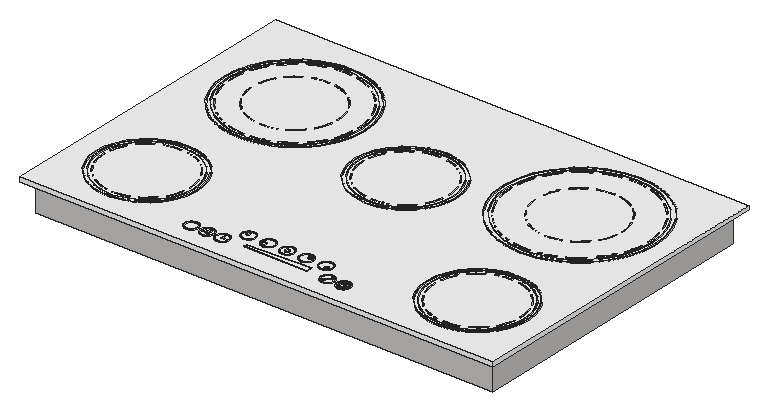
Revit family "QF_Summit_CR5B30T8W_5-Burner Radiant Cooktop", category Specialty Equipment, Revit 2020 (continued)
Automatic sketch dimensions
  plane 8 "Center X" to Extrusion 2 sketch curve = 0.37516"
  plane 8 "Center X" to Extrusion 2 sketch curve = 0.35989"
  Extrusion 2 sketch curve to plane 7 "Center Y" = 0.41879"
  Extrusion 2 sketch curve to plane 8 "Center X" = 0.64087"
  Extrusion 2 sketch curve to Extrusion 2 sketch curve = 0.33695"  (x2)
  Extrusion 2 sketch curve to plane 8 "Center X" = 0.6677"
  Extrusion 2 sketch curve to Extrusion 2 sketch curve = 0.01601"
  plane 7 "Center Y" to Extrusion 2 sketch curve = 0.96539"
  plane 7 "Center Y" to Extrusion 2 sketch curve = 0.01071"
  Extrusion 2 sketch curve to plane 8 "Center X" = 0.85707"
  Extrusion 2 sketch curve to Extrusion 2 sketch curve = 0.0293"
  Extrusion 2 sketch curve to plane 8 "Center X" = 0.06624"
  Extrusion 2 sketch curve to plane 8 "Center X" = 0.04406"
  Extrusion 2 sketch curve to plane 8 "Center X" = 0.68519"
  Extrusion 2 sketch curve to plane 8 "Center X" = 0.65815"
  plane 8 "Center X" to Extrusion 2 sketch curve = 1.24555"
  plane 8 "Center X" to Extrusion 2 sketch curve = 1.25085"
  plane 8 "Center X" to Extrusion 2 sketch curve = 0.31449"
  plane 8 "Center X" to Extrusion 2 sketch curve = 0.33027"
  Extrusion 2 sketch curve to Extrusion 2 sketch curve = 0.97968"  (x2)
  Extrusion 2 sketch curve to Extrusion 2 sketch curve = 1.00376"  (x2)
  plane 7 "Center Y" to Extrusion 2 sketch curve = 0.02994"
  Extrusion 2 sketch curve to Extrusion 2 sketch curve = 0.40649"  (x2)
  plane 7 "Center Y" to Extrusion 2 sketch curve = 1.40684"
  Extrusion 2 sketch curve to Extrusion 2 sketch curve = 0.47086"  (x2)
  Extrusion 2 sketch curve to Extrusion 2 sketch curve = 0.01413"  (x2)
  Extrusion 2 sketch curve to Extrusion 2 sketch curve = 1.02966"
  Extrusion 2 sketch curve to Extrusion 2 sketch curve = 0.37991"
  Extrusion 2 sketch curve to Extrusion 2 sketch curve = 0.2284"
  Extrusion 2 sketch curve to Extrusion 2 sketch curve = 0.22211"  (x2)
  Extrusion 2 sketch curve to Extrusion 2 sketch curve = 0.02944"  (x2)
  Extrusion 2 sketch curve to Extrusion 2 sketch curve = 0.41338"  (x2)
  Extrusion 2 sketch curve to plane 12 = 5.48356"
  Extrusion 2 sketch curve to Extrusion 2 sketch curve = 1.84577"
  Extrusion 2 sketch curve to Extrusion 2 sketch curve = 0.20933"
  Extrusion 2 sketch curve to Extrusion 2 sketch curve = 0.32356"
  Extrusion 2 sketch curve to Extrusion 2 sketch curve = 0.03033"
  Extrusion 2 sketch curve to Extrusion 2 sketch curve = 0.19522"
  Extrusion 2 sketch curve to Extrusion 2 sketch curve = 0.02865"
  Extrusion 2 sketch curve to Extrusion 2 sketch curve = 0.27871"
  Extrusion 2 sketch curve to Extrusion 2 sketch curve = 0.02926"
  Extrusion 2 sketch curve to Extrusion 2 sketch curve = 0.02761"
  Extrusion 2 sketch curve to Extrusion 2 sketch curve = 0.03105"
  Extrusion 2 sketch curve to Extrusion 2 sketch curve = 1.51946"
  Extrusion 2 sketch curve to Extrusion 2 sketch curve = 0.01098"
  Extrusion 2 sketch curve to plane 10 = 2.5831"
  Extrusion 2 sketch curve to Extrusion 2 sketch curve = 0.75562"
  Extrusion 2 sketch curve to plane 10 = 2.56292"
  Extrusion 2 sketch curve to Extrusion 2 sketch curve = 0.02386"
  Extrusion 2 sketch curve to plane 10 = 3.46689"
  Extrusion 2 sketch curve to plane 10 = 3.45302"
  Extrusion 2 sketch curve to plane 10 = 1.61686"
  Extrusion 2 sketch curve to Extrusion 2 sketch curve = 1.15671"
  Extrusion 2 sketch curve to plane 10 = 1.58978"
  Extrusion 2 sketch curve to Extrusion 2 sketch curve = 1/64"
  Extrusion 2 sketch curve to plane 10 = 2.23507"
  Extrusion 2 sketch curve to plane 10 = 2.21296"
  Extrusion 2 sketch curve to plane 10 = 1.09417"
  Extrusion 2 sketch curve to Extrusion 2 sketch curve = 1.4509"
  Extrusion 2 sketch curve to plane 10 = 1.06337"
  Extrusion 2 sketch curve to Extrusion 2 sketch curve = 0.00525"
  Extrusion 2 sketch curve to plane 10 = 1.39759"
  Extrusion 2 sketch curve to plane 10 = 1.36895"
  Extrusion 2 sketch curve to plane 10 = 1.07171"
  Extrusion 2 sketch curve to Extrusion 2 sketch curve = 1.5222"
  Extrusion 2 sketch curve to plane 10 = 1.10246"
  Extrusion 2 sketch curve to plane 10 = 1.04045"
  Extrusion 2 sketch curve to plane 10 = 1.00926"
  Extrusion 2 sketch curve to plane 10 = 1.61391"
  Extrusion 2 sketch curve to Extrusion 2 sketch curve = 1.46074"
  Extrusion 2 sketch curve to Extrusion 2 sketch curve = 0.0159"
  Extrusion 2 sketch curve to plane 10 = 1.17956"
  Extrusion 2 sketch curve to plane 10 = 1.20955"
  Extrusion 2 sketch curve to Extrusion 2 sketch curve = 0.00881"
  Extrusion 2 sketch curve to Extrusion 2 sketch curve = 1.16694"
  Extrusion 2 sketch curve to Extrusion 2 sketch curve = 0.02406"
  Extrusion 2 sketch curve to Extrusion 2 sketch curve = 0.35815"
  Extrusion 2 sketch curve to Extrusion 2 sketch curve = 0.02238"  (x2)
  Extrusion 2 sketch curve to Extrusion 2 sketch curve = 0.19741"
  Extrusion 2 sketch curve to plane 12 = 1.33298"
  Extrusion 2 sketch curve to Extrusion 2 sketch curve = 0.29763"
  Extrusion 2 sketch curve to Extrusion 2 sketch curve = 0.026"
  Extrusion 2 sketch curve to Extrusion 2 sketch curve = 0.34736"
  Extrusion 2 sketch curve to Extrusion 2 sketch curve = 0.01734"
  Extrusion 2 sketch curve to Extrusion 2 sketch curve = 0.1639"
  Extrusion 2 sketch curve to Extrusion 2 sketch curve = 0.16933"
  Extrusion 2 sketch curve to Extrusion 2 sketch curve = 0.03042"
  Extrusion 2 sketch curve to Extrusion 2 sketch curve = 0.4627"
  Extrusion 2 sketch curve to Extrusion 2 sketch curve = 0.00152"
  Extrusion 2 sketch curve to Extrusion 2 sketch curve = 0.03104"
  Extrusion 2 sketch curve to Extrusion 2 sketch curve = 0.21075"
  Extrusion 2 sketch curve to Extrusion 2 sketch curve = 0.02932"
  Extrusion 2 sketch curve to Extrusion 2 sketch curve = 0.49233"
  Extrusion 2 sketch curve to Extrusion 2 sketch curve = 0.00363"
  Extrusion 2 sketch curve to Extrusion 2 sketch curve = 0.15379"
  Extrusion 2 sketch curve to Extrusion 2 sketch curve = 0.02803"
  plane 8 "Center X" to Extrusion 2 sketch curve = 1.36218"
  Extrusion 2 sketch curve to Extrusion 2 sketch curve = 0.56594"
  plane 8 "Center X" to Extrusion 2 sketch curve = 1.38435"
  Extrusion 2 sketch curve to Extrusion 2 sketch curve = 0.02217"
  plane 8 "Center X" to Extrusion 2 sketch curve = 1.02088"
  Extrusion 2 sketch curve to Extrusion 2 sketch curve = 0.32279"
  plane 8 "Center X" to Extrusion 2 sketch curve = 1 11/256"
  plane 8 "Center X" to Extrusion 2 sketch curve = 0.39339"
  plane 8 "Center X" to Extrusion 2 sketch curve = 0.42049"
  plane 8 "Center X" to Extrusion 2 sketch curve = 0.18426"
  Extrusion 2 sketch curve to Extrusion 2 sketch curve = 0.39751"
  plane 8 "Center X" to Extrusion 2 sketch curve = 0.21284"
  Extrusion 2 sketch curve to Extrusion 2 sketch curve = 0.01263"
  Extrusion 2 sketch curve to plane 8 "Center X" = 0.12469"
  Extrusion 2 sketch curve to plane 8 "Center X" = 0.09392"
  Extrusion 2 sketch curve to plane 8 "Center X" = 0.149"
  Extrusion 2 sketch curve to Extrusion 2 sketch curve = 0.44241"
  Extrusion 2 sketch curve to plane 8 "Center X" = 0.09403"
  Extrusion 2 sketch curve to plane 8 "Center X" = 0.1248"
  Extrusion 2 sketch curve to Extrusion 2 sketch curve = 0.00543"
  plane 8 "Center X" to Extrusion 2 sketch curve = 0.00709"
  Extrusion 2 sketch curve to Extrusion 2 sketch curve = 0.43933"
  Extrusion 2 sketch curve to plane 8 "Center X" = 0.02297"
  Extrusion 2 sketch curve to Extrusion 2 sketch curve = 0.00857"
  plane 8 "Center X" to Extrusion 2 sketch curve = 53/128"
  plane 8 "Center X" to Extrusion 2 sketch curve = 0.38691"
  plane 8 "Center X" to Extrusion 2 sketch curve = 0.66354"
  Extrusion 2 sketch curve to Extrusion 2 sketch curve = 0.38837"
  plane 8 "Center X" to Extrusion 2 sketch curve = 0.63817"
  Extrusion 2 sketch curve to Extrusion 2 sketch curve = 0.01825"
  plane 8 "Center X" to Extrusion 2 sketch curve = 1.39617"
  plane 8 "Center X" to Extrusion 2 sketch curve = 1.37399"
  plane 8 "Center X" to Extrusion 2 sketch curve = 1.77061"
  Extrusion 2 sketch curve to Extrusion 2 sketch curve = 0.28259"
  plane 8 "Center X" to Extrusion 2 sketch curve = 1.75315"
  Extrusion 2 sketch curve to Extrusion 2 sketch curve = 0.02592"
  plane 8 "Center X" to Extrusion 2 sketch curve = 2.73176"
  plane 8 "Center X" to Extrusion 2 sketch curve = 2.72116"
  Extrusion 2 sketch curve to Extrusion 2 sketch curve = 1.58055"
  plane 8 "Center X" to Extrusion 2 sketch curve = 4.70503"
  plane 8 "Center X" to Extrusion 2 sketch curve = 4.71065"
  Extrusion 2 sketch curve to Extrusion 2 sketch curve = 0.1149"
  plane 8 "Center X" to Extrusion 2 sketch curve = 2.12419"
  Extrusion 2 sketch curve to Extrusion 2 sketch curve = 0.82307"
  plane 8 "Center X" to Extrusion 2 sketch curve = 2.10015"
  plane 8 "Center X" to Extrusion 2 sketch curve = 2.88316"
  plane 8 "Center X" to Extrusion 2 sketch curve = 2.86784"
  Extrusion 2 sketch curve to Extrusion 2 sketch curve = 1.26922"
  Extrusion 2 sketch curve to Extrusion 2 sketch curve = 1.40691"
  Extrusion 2 sketch curve to Extrusion 2 sketch curve = 1.17944"
  Extrusion 2 sketch curve to Extrusion 2 sketch curve = 0.43496"
  Extrusion 2 sketch curve to Extrusion 2 sketch curve = 0.0155"
  Extrusion 2 sketch curve to Extrusion 2 sketch curve = 0.62693"
  Extrusion 2 sketch curve to Extrusion 2 sketch curve = 0.28837"
  Extrusion 2 sketch curve to Extrusion 2 sketch curve = 0.06767"
  Extrusion 2 sketch curve to Extrusion 2 sketch curve = 0.14583"
  Extrusion 2 sketch curve to Extrusion 2 sketch curve = 0.02924"
  Extrusion 2 sketch curve to Extrusion 2 sketch curve = 0.144"
  Extrusion 2 sketch curve to Extrusion 2 sketch curve = 0.6468"
  Extrusion 2 sketch curve to Extrusion 2 sketch curve = 1.18137"
  Extrusion 2 sketch curve to Extrusion 2 sketch curve = 0.02433"
  Extrusion 2 sketch curve to Extrusion 2 sketch curve = 0.31105"
  Extrusion 2 sketch curve to Extrusion 2 sketch curve = 0.92879"
  Extrusion 2 sketch curve to Extrusion 2 sketch curve = 0.00512"
  Extrusion 2 sketch curve to Extrusion 2 sketch curve = 0.59601"
  Extrusion 2 sketch curve to Extrusion 2 sketch curve = 0.38206"
  Extrusion 2 sketch curve to plane 10 = 2.86158"
  Extrusion 2 sketch curve to Extrusion 2 sketch curve = 1.01341"
  Extrusion 2 sketch curve to plane 10 = 2.8323"
  Extrusion 2 sketch curve to plane 10 = 3.04902"
  Extrusion 2 sketch curve to plane 10 = 3.02189"
  Extrusion 2 sketch curve to plane 10 = 3.67913"
  Extrusion 2 sketch curve to plane 10 = 3.65924"
  Extrusion 2 sketch curve to plane 12 = 4.02721"
  Extrusion 2 sketch curve to plane 12 = 0.77721"
  Extrusion 2 sketch curve to Extrusion 2 sketch curve = 0.56726"
  Extrusion 2 sketch curve to Extrusion 2 sketch curve = 2.13783"
  Extrusion 2 sketch curve to Extrusion 2 sketch curve = 0.0089"
  Extrusion 2 sketch curve to Extrusion 2 sketch curve = 0.30898"
  Extrusion 2 sketch curve to Extrusion 2 sketch curve = 0.44536"
  Extrusion 2 sketch curve to Extrusion 2 sketch curve = 0.0053"
  Extrusion 2 sketch curve to Extrusion 2 sketch curve = 0.24103"
  Extrusion 2 sketch curve to Extrusion 2 sketch curve = 0.71347"
  Extrusion 2 sketch curve to Extrusion 2 sketch curve = 0.01567"
  Extrusion 2 sketch curve to Extrusion 2 sketch curve = 0.37433"
  Extrusion 2 sketch curve to Extrusion 2 sketch curve = 0.41133"
  Extrusion 2 sketch curve to Extrusion 2 sketch curve = 0.94381"
  Extrusion 2 sketch curve to plane 9 = 1.72411"
  Extrusion 2 sketch curve to plane 9 = 1.70191"
  Extrusion 2 sketch curve to plane 9 = 2.50315"
  Extrusion 2 sketch curve to plane 9 = 2.48788"
  Extrusion 2 sketch curve to plane 9 = 2.90103"
  Extrusion 2 sketch curve to plane 9 = 2.89029"
  Extrusion 2 sketch curve to Extrusion 2 sketch curve = 0.37929"
  Extrusion 2 sketch curve to plane 9 = 4.30796"
  Extrusion 2 sketch curve to Extrusion 2 sketch curve = 0.03919"
  Extrusion 2 sketch curve to plane 9 = 4.31324"
  Extrusion 2 sketch curve to Extrusion 2 sketch curve = 1.41554"
  curve 5 to curve 7 = 0"  (x2)
  curve 5 to curve 9 = 0"  (x2)
  curve 5 to curve 11 = 0"  (x2)
  curve 5 to curve 13 = 0"  (x2)
  curve 5 to curve 15 = 0"  (x2)
  curve 5 to curve 17 = 0"  (x2)
  curve 5 to curve 19 = 0"  (x2)
  curve 5 to curve 21 = 0"  (x2)
  curve 5 to curve 23 = 0"  (x2)
  curve 5 to curve 25 = 0"  (x2)
  curve 5 to curve 27 = 0"  (x2)
  curve 5 to curve 29 = 0"  (x2)
  curve 5 to curve 31 = 0"  (x2)
  curve 5 to curve 33 = 0"  (x2)
  curve 5 to curve 35 = 0"  (x2)
  curve 5 to curve 37 = 0"  (x2)
  curve 5 to curve 39 = 0"  (x2)
  curve 5 to curve 41 = 0"  (x2)
  curve 5 to curve 43 = 0"  (x2)
  curve 5 to curve 45 = 0"  (x2)
  curve 5 to curve 47 = 0"  (x2)
  curve 5 to curve 49 = 0"  (x2)
  curve 5 to curve 51 = 0"
  curve 5 to curve 53 = 0"  (x2)
  curve 5 to curve 55 = 0"  (x2)
  curve 5 to curve 57 = 0"  (x2)
  curve 5 to curve 59 = 0"  (x2)
  curve 5 to curve 61 = 0"  (x2)
  curve 5 to curve 63 = 0"  (x2)
  curve 5 to curve 65 = 0"  (x2)
  curve 5 to curve 67 = 0"  (x2)
  curve 5 to curve 69 = 0"  (x2)
  curve 5 to curve 71 = 0"  (x2)
  curve 5 to curve 73 = 0"  (x2)
  curve 5 to curve 75 = 0"  (x2)
  curve 5 to curve 77 = 0"  (x2)
  curve 5 to curve 79 = 0"  (x2)
  curve 5 to curve 81 = 0"
  curve 5 to curve 83 = 0"
  curve 5 to curve 85 = 0"
  curve 5 to curve 87 = 0"
  curve 5 to curve 89 = 0"
  curve 5 to curve 91 = 0"
  curve 5 to curve 93 = 0"
  curve 5 to curve 95 = 0"
  curve 5 to curve 97 = 0"
  curve 5 to curve 99 = 0"
  curve 5 to curve 101 = 0"
  curve 5 to curve 103 = 0"
  curve 5 to curve 105 = 0"
  curve 5 to curve 107 = 0"
  curve 5 to curve 109 = 0"
  curve 5 to curve 111 = 0"
  curve 5 to curve 113 = 0"
  curve 5 to curve 115 = 0"
  curve 5 to curve 117 = 0"
  curve 5 to curve 119 = 0"
  curve 5 to curve 121 = 0"
  curve 5 to curve 123 = 0"
  curve 5 to curve 125 = 0"
  curve 5 to curve 127 = 0"
  curve 79 to curve 123 = 0"
  curve 81 to curve 83 = 0"
  curve 81 to curve 85 = 0"
  curve 81 to curve 87 = 0"
  curve 81 to curve 89 = 0"
  curve 81 to curve 91 = 0"
  curve 81 to curve 93 = 0"
  curve 81 to curve 95 = 0"
  curve 81 to curve 97 = 0"
  curve 81 to curve 99 = 0"
  curve 81 to curve 101 = 0"
  curve 81 to curve 105 = 0"
  curve 81 to curve 107 = 0"
  curve 81 to curve 109 = 0"
  curve 81 to curve 111 = 0"
  curve 81 to curve 113 = 0"
  curve 81 to curve 115 = 0"
  curve 81 to curve 117 = 0"
  curve 81 to curve 119 = 0"
  curve 81 to curve 121 = 0"
  curve 81 to curve 123 = 0"
  curve 81 to curve 125 = 0"
  curve 81 to curve 127 = 0"
  curve 129 to curve 131 = 0"  (x2)
  curve 129 to curve 133 = 0"
  curve 129 to curve 135 = 0"
  curve 129 to curve 137 = 0"
  curve 129 to curve 139 = 0"
  curve 129 to curve 141 = 0"
  curve 129 to curve 143 = 0"
  curve 129 to curve 145 = 0"
  curve 129 to curve 147 = 0"
  curve 129 to curve 149 = 0"
  curve 129 to curve 151 = 0"
  curve 129 to curve 153 = 0"
  curve 129 to curve 155 = 0"
  curve 129 to curve 157 = 0"
  curve 129 to curve 159 = 0"
  curve 129 to curve 161 = 0"
  curve 129 to curve 163 = 0"
  curve 129 to curve 165 = 0"
  curve 129 to curve 167 = 0"
  curve 129 to curve 169 = 0"
  curve 129 to curve 171 = 0"
  curve 129 to curve 173 = 0"
  curve 129 to curve 175 = 0"
  curve 129 to curve 177 = 0"
  curve 129 to curve 179 = 0"
  curve 129 to curve 181 = 0"
  curve 129 to curve 183 = 0"
  curve 129 to curve 185 = 0"
  curve 129 to curve 187 = 0"
  curve 129 to curve 189 = 0"
  curve 129 to curve 191 = 0"
  curve 129 to curve 193 = 0"
  curve 129 to curve 195 = 0"
  curve 129 to curve 197 = 0"
  curve 129 to curve 199 = 0"
  curve 129 to curve 201 = 0"
  curve 129 to curve 203 = 0"
  curve 129 to curve 205 = 0"
  curve 129 to curve 207 = 0"
  curve 129 to curve 209 = 0"  (x2)
  curve 129 to curve 211 = 0"  (x2)
  curve 129 to curve 213 = 0"  (x2)
  curve 129 to curve 215 = 0"  (x2)
  curve 129 to curve 217 = 0"  (x2)
  curve 129 to curve 219 = 0"  (x2)
  curve 129 to curve 221 = 0"  (x2)
  curve 129 to curve 223 = 0"  (x2)
  curve 129 to curve 225 = 0"  (x2)
  curve 129 to curve 227 = 0"  (x2)
  curve 129 to curve 229 = 0"  (x2)
  curve 129 to curve 231 = 0"
  curve 129 to curve 233 = 0"  (x2)
  curve 129 to curve 235 = 0"  (x2)
  curve 129 to curve 237 = 0"  (x2)
  curve 129 to curve 239 = 0"  (x2)
  curve 129 to curve 241 = 0"  (x2)
  curve 129 to curve 243 = 0"  (x2)
  curve 129 to curve 245 = 0"  (x2)
  curve 129 to curve 247 = 0"  (x2)
  curve 129 to curve 249 = 0"  (x2)
  curve 129 to curve 251 = 0"  (x2)
  curve 129 to curve 253 = 0"  (x2)
  curve 129 to curve 255 = 0"  (x2)
  curve 133 to curve 135 = 0"
  curve 133 to curve 137 = 0"
  curve 133 to curve 139 = 0"
  curve 133 to curve 141 = 0"
  curve 133 to curve 143 = 0"
  curve 133 to curve 145 = 0"
  curve 133 to curve 147 = 0"
  curve 133 to curve 149 = 0"
  curve 133 to curve 151 = 0"
  curve 133 to curve 153 = 0"
  curve 133 to curve 155 = 0"
  curve 133 to curve 157 = 0"
  curve 133 to curve 159 = 0"
  curve 133 to curve 161 = 0"
  curve 133 to curve 163 = 0"
  curve 133 to curve 165 = 0"
  curve 133 to curve 167 = 0"
  curve 133 to curve 169 = 0"
  curve 133 to curve 171 = 0"
  curve 133 to curve 173 = 0"
  curve 133 to curve 175 = 0"
  curve 133 to curve 177 = 0"
  curve 133 to curve 179 = 0"
  curve 133 to curve 181 = 0"
  curve 133 to curve 183 = 0"
  curve 133 to curve 185 = 0"
  curve 133 to curve 187 = 0"
  curve 133 to curve 189 = 0"
  curve 133 to curve 191 = 0"
  curve 133 to curve 193 = 0"
  curve 133 to curve 195 = 0"
  curve 133 to curve 197 = 0"
  curve 133 to curve 199 = 0"
  curve 133 to curve 201 = 0"
  curve 133 to curve 203 = 0"
  curve 133 to curve 205 = 0"
  curve 133 to curve 207 = 0"
  curve 207 to curve 253 = 0"
  curve 257 to curve 259 = 0"  (x2)
  curve 257 to curve 261 = 0"  (x2)
  curve 257 to curve 263 = 0"  (x2)
  curve 257 to curve 265 = 0"  (x2)
  curve 257 to curve 267 = 0"  (x2)
  curve 257 to curve 269 = 0"  (x2)
  curve 257 to curve 271 = 0"  (x2)
  curve 257 to curve 273 = 0"  (x2)
  curve 257 to curve 275 = 0"  (x2)
  curve 257 to curve 277 = 0"  (x2)
  curve 257 to curve 279 = 0"  (x2)
  curve 257 to curve 281 = 0"  (x2)
  curve 257 to curve 283 = 0"  (x2)
  curve 257 to curve 285 = 0"  (x2)
  curve 257 to curve 287 = 0"  (x2)
  curve 287 to curve 311 = 0"  (x2)
  curve 289 to curve 311 = 0"  (x2)
  curve 291 to curve 311 = 0"  (x2)
  curve 293 to curve 311 = 0"  (x2)
  curve 295 to curve 311 = 0"  (x2)
  curve 297 to curve 311 = 0"  (x2)
  curve 299 to curve 311 = 0"  (x2)
  curve 301 to curve 311 = 0"  (x2)
  curve 303 to curve 311 = 0"  (x2)
  curve 305 to curve 311 = 0"  (x2)
  curve 307 to curve 311 = 0"  (x2)
  curve 309 to curve 311 = 0"  (x2)
  curve 314 to curve 367 = 0"  (x2)
  curve 316 to curve 367 = 0"  (x2)
  curve 318 to curve 367 = 0"  (x2)
  curve 320 to curve 367 = 0"  (x2)
  curve 321 to curve 367 = 0"  (x2)
  curve 323 to curve 367 = 0"  (x2)
  curve 325 to curve 367 = 0"  (x2)
  curve 327 to curve 367 = 0"  (x2)
  curve 329 to curve 367 = 0"  (x2)
  curve 331 to curve 367 = 0"  (x2)
  curve 333 to curve 367 = 0"  (x2)
  curve 335 to curve 367 = 0"  (x2)
  curve 337 to curve 367 = 0"  (x2)
  curve 339 to curve 367 = 0"  (x2)
  curve 341 to curve 367 = 0"  (x2)
  curve 343 to curve 367 = 0"  (x2)
  curve 345 to curve 367 = 0"  (x2)
  curve 347 to curve 367 = 0"  (x2)
  curve 349 to curve 367 = 0"  (x2)
  curve 351 to curve 367 = 0"  (x2)
  curve 353 to curve 367 = 0"  (x2)
  curve 355 to curve 367 = 0"  (x2)
  curve 357 to curve 367 = 0"  (x2)
  curve 359 to curve 367 = 0"  (x2)
  curve 361 to curve 367 = 0"  (x2)
  curve 363 to curve 367 = 0"  (x2)
  curve 365 to curve 367 = 0"  (x2)
  curve 370 to curve 423 = 0"  (x2)
  curve 372 to curve 423 = 0"  (x2)
  curve 374 to curve 423 = 0"  (x2)
  curve 376 to curve 423 = 0"  (x2)
  curve 377 to curve 423 = 0"  (x2)
  curve 379 to curve 423 = 0"  (x2)
  curve 381 to curve 423 = 0"  (x2)
  curve 383 to curve 423 = 0"  (x2)
  curve 385 to curve 423 = 0"  (x2)
  curve 387 to curve 423 = 0"  (x2)
  curve 389 to curve 423 = 0"  (x2)
  curve 391 to curve 423 = 0"  (x2)
  curve 393 to curve 423 = 0"  (x2)
  curve 395 to curve 423 = 0"  (x2)
  curve 397 to curve 423 = 0"  (x2)
  curve 399 to curve 423 = 0"  (x2)
  curve 401 to curve 423 = 0"  (x2)
  curve 403 to curve 423 = 0"  (x2)
  curve 405 to curve 423 = 0"  (x2)
  curve 407 to curve 423 = 0"  (x2)
  curve 409 to curve 423 = 0"  (x2)
  curve 411 to curve 423 = 0"  (x2)
  curve 413 to curve 423 = 0"  (x2)
  curve 415 to curve 423 = 0"  (x2)
  curve 417 to curve 423 = 0"  (x2)
  curve 419 to curve 423 = 0"  (x2)
  curve 421 to curve 423 = 0"  (x2)
  curve 1 to plane 3 "LEFT" = 0"
  curve 299 to plane 7 "Center Y" = 0"
  curve 2 to plane 4 "RIGHT" = 0"
  plane 5 "FRONT" to curve 1 = 0"
  plane 1 "BACK" to curve 4 = 0"
  curve 328 to plane 11 = 1.25139"
  curve 325 to curve 328 = 1/32"
  curve 328 to curve 322 = 0.00839"
  curve 321 to curve 322 = 0.0308"
  curve 327 to curve 326 = 0.13763"
  curve 325 to curve 326 = 0.02935"
  curve 18 to plane 11 = 1.46518"
  curve 17 to curve 18 = 0.03131"
  curve 19 to curve 16 = 0.03084"
  curve 18 to curve 20 = 0.0414"
  curve 13 to curve 16 = 0.03071"
  curve 17 to curve 20 = 0.03063"
  curve 327 to curve 332 = 0.15555"
  curve 332 to curve 332 = 0.02726"
  curve 322 to curve 324 = 0.31317"
  curve 19 to curve 22 = 0.08434"
  curve 321 to curve 324 = 0.02693"
  curve 22 to curve 22 = 0.02974"
  curve 15 to curve 14 = 0.28425"
  curve 13 to curve 14 = 0.02828"
  curve 323 to curve 366 = 0.22941"
  curve 365 to curve 366 = 0.02404"
  curve 15 to curve 80 = 0.19209"
  curve 23 to curve 24 = 0.40541"
  curve 77 to curve 80 = 0.02659"
  curve 21 to curve 24 = 0.02639"
  curve 330 to plane 9 = 1.70191"
  curve 331 to curve 330 = 0.62951"
  curve 329 to curve 330 = 0.0222"  (x2)
  curve 23 to curve 26 = 0.23139"
  curve 26 to curve 26 = 0.02441"
  curve 331 to curve 336 = 0.32095"
  curve 333 to curve 336 = 0.01601"
  curve 366 to curve 368 = 0.71045"
  curve 365 to curve 368 = 0.01578"
  plane 8 "Center X" to curve 78 = 1.27756"
  curve 79 to curve 78 = 0.62674"
  plane 8 "Center X" to curve 78 = 1.29966"
  curve 77 to curve 78 = 0.0221"
  curve 19 to curve 128 = 1.27517"
  curve 125 to curve 128 = 0.03131"
  curve 128 to curve 82 = 0.00828"
  curve 81 to curve 82 = 0.03074"
  curve 127 to curve 126 = 0.12451"
  curve 125 to curve 126 = 0.02942"
  curve 367 to curve 362 = 0.42666"
  curve 361 to curve 362 = 0.01079"
  plane 8 "Center X" to curve 76 = 0.96768"
  curve 79 to curve 76 = 0.34417"
  plane 8 "Center X" to curve 76 = 0.99268"
  curve 73 to curve 76 = 0.01874"
  curve 26 to curve 28 = 0.73165"
  curve 127 to curve 124 = 0.16275"
  curve 28 to plane 10 = 2.17091"
  curve 28 to curve 28 = 0.01859"
  curve 121 to curve 124 = 0.02724"
  curve 83 to curve 84 = 0.30568"
  curve 81 to curve 84 = 0.02692"
  curve 83 to curve 86 = 0.22019"
  curve 85 to curve 86 = 0.02411"
  curve 30 to plane 10 = 1.88476"
  curve 27 to curve 30 = 0.38141"
  curve 30 to plane 10 = 1.91189"
  curve 29 to curve 30 = 0.01551"
  curve 334 to plane 9 = 1.10086"
  curve 335 to curve 334 = 0.98255"
  curve 334 to plane 9 = 1.13174"
  curve 334 to curve 334 = 0.00477"
  plane 8 "Center X" to curve 122 = 2.10015"
  curve 123 to curve 122 = 0.61312"
  plane 8 "Center X" to curve 122 = 2.12419"
  curve 121 to curve 122 = 0.01996"
  plane 8 "Center X" to curve 74 = 0.45175"
  curve 75 to curve 74 = 0.89654"
  plane 8 "Center X" to curve 74 = 0.48073"
  curve 334 to curve 333 = 0.41879"
  curve 335 to curve 340 = 0.42951"
  curve 362 to curve 364 = 0.97809"
  plane 8 "Center X" to curve 120 = 1.85084"
  curve 123 to curve 120 = 0.33367"
  plane 8 "Center X" to curve 120 = 1.87772"
  curve 117 to curve 120 = 0.01594"
  curve 88 to plane 10 = 3.02189"
  curve 86 to curve 88 = 0.7319"
  curve 88 to curve 88 = 0.01552"
  plane 8 "Center X" to curve 72 = 0.31367"
  curve 75 to curve 72 = 0.38987"
  plane 8 "Center X" to curve 72 = 0.34372"
  curve 72 to curve 72 = 0.0086"
  curve 32 to plane 10 = 1.49876"
  curve 30 to curve 32 = 0.90867"
  curve 32 to plane 10 = 1.52886"
  curve 364 to curve 358 = 0.46522"
  curve 358 to curve 358 = 0.00564"
  curve 87 to curve 90 = 0.38892"
  curve 90 to curve 90 = 0.01092"
  curve 34 to plane 10 = 1.39637"
  curve 31 to curve 34 = 0.46739"
  curve 34 to plane 10 = 1.42726"
  curve 34 to curve 34 = 0.00473"
  curve 338 to plane 9 = 1.27092"
  curve 339 to curve 338 = 0.94381"
  curve 338 to plane 9 = 1.24163"
  curve 339 to curve 338 = 0.01087"
  plane 8 "Center X" to curve 118 = 1.50707"
  plane 8 "Center X" to curve 118 = 1.53785"
  curve 344 to plane 9 = 1.46984"
  curve 339 to curve 344 = 0.4222"
  curve 358 to curve 360 = 0.89585"
  curve 344 to plane 9 = 1.44281"
  curve 343 to curve 344 = 0.01567"
  curve 360 to curve 360 = 0.01584"
  plane 8 "Center X" to curve 70 = 0.18841"
  curve 119 to curve 116 = 0.44804"
  curve 91 to curve 92 = 1.01341"
  curve 359 to curve 354 = 0.35772"
  curve 355 to curve 354 = 0.0222"
  plane 8 "Center X" to curve 68 = 0.20528"
  curve 71 to curve 68 = 0.41987"
  plane 8 "Center X" to curve 68 = 0.17417"
  curve 68 to curve 68 = 0.00288"
  curve 36 to plane 10 = 1.4049"
  curve 36 to plane 10 = 1.37384"
  curve 94 to plane 10 = 2.7268"
  curve 91 to curve 94 = 0.38206"
  curve 94 to plane 10 = 2.69597"
  curve 95 to curve 94 = 0.00512"
  curve 342 to plane 9 = 2.08393"
  curve 343 to curve 342 = 0.72914"
  curve 342 to plane 9 = 2.06175"
  curve 38 to plane 10 = 1.47204"
  curve 35 to curve 38 = 0.41256"
  curve 38 to plane 10 = 1.4415"
  curve 38 to curve 38 = 0.00661"
  curve 348 to plane 9 = 2.45826"
  curve 343 to curve 348 = 0.26321"
  curve 354 to curve 356 = 0.64469"
  curve 348 to plane 9 = 2.44248"
  curve 347 to curve 348 = 0.02697"
  plane 8 "Center X" to curve 114 = 1.66104"
  curve 115 to curve 114 = 0.94818"
  curve 355 to curve 356 = 0.02725"
  plane 8 "Center X" to curve 114 = 1.63167"
  curve 115 to curve 114 = 0.01068"
  curve 355 to curve 350 = 0.19267"
  curve 351 to curve 350 = 0.02944"
  curve 346 to plane 9 = 3.37884"
  curve 346 to plane 9 = 3.37354"
  curve 347 to curve 352 = 0.0397"
  curve 351 to curve 352 = 1/32"
  plane 8 "Center X" to curve 112 = 1.85537"
  curve 115 to curve 112 = 0.41946"
  plane 8 "Center X" to curve 112 = 1.82823"
  curve 112 to curve 112 = 0.0155"
  curve 96 to plane 10 = 3.06584"
  curve 96 to plane 10 = 3.03891"
  plane 8 "Center X" to curve 66 = 0.44771"
  plane 8 "Center X" to curve 66 = 0.41847"
  curve 98 to plane 10 = 3.29198"
  curve 95 to curve 98 = 0.3269"
  curve 98 to plane 10 = 3.26764"
  curve 99 to curve 98 = 0.01961"
  plane 8 "Center X" to curve 64 = 0.61404"
  curve 67 to curve 64 = 0.38009"
  plane 8 "Center X" to curve 64 = 0.58609"
  curve 63 to curve 64 = 0.01399"
  curve 40 to plane 10 = 1.82914"
  curve 40 to plane 10 = 1.80136"
  plane 8 "Center X" to curve 110 = 2.47282"
  plane 8 "Center X" to curve 110 = 2.45063"
  curve 42 to plane 10 = 2.06745"
  curve 39 to curve 42 = 0.40266"
  curve 42 to plane 10 = 2.04153"
  curve 43 to curve 42 = 0.01745"
  plane 8 "Center X" to curve 108 = 2.84492"
  curve 111 to curve 108 = 0.26138"
  curve 100 to plane 10 = 4.08096"
  plane 8 "Center X" to curve 108 = 2.82916"
  curve 107 to curve 108 = 0.02698"
  curve 100 to plane 10 = 4.0657"
  curve 100 to curve 102 = 0.17127"
  curve 103 to curve 102 = 0.02924"
  plane 8 "Center X" to curve 62 = 1.17565"
  plane 8 "Center X" to curve 62 = 1.15349"
  plane 8 "Center X" to curve 106 = 3.77266"
  plane 8 "Center X" to curve 106 = 3.76756"
  curve 107 to curve 104 = 0.03642"
  curve 103 to curve 104 = 1/32"
  plane 8 "Center X" to curve 60 = 1.50099"
  curve 63 to curve 60 = 0.33335"
  curve 44 to plane 10 = 2.69784"
  plane 8 "Center X" to curve 60 = 1.47887"
  curve 59 to curve 60 = 0.02212"
  curve 44 to plane 10 = 2.67572"
  curve 44 to curve 46 = 0.29386"
  curve 47 to curve 46 = 0.02539"
  plane 8 "Center X" to curve 58 = 2.32387"
  plane 8 "Center X" to curve 58 = 2.30919"
  curve 59 to curve 56 = 0.19913"
  curve 46 to curve 48 = 0.48783"
  curve 55 to curve 56 = 0.02913"
  curve 47 to curve 48 = 0.02918"
  curve 48 to curve 50 = 0.14108"
  curve 51 to curve 50 = 0.03027"
  plane 8 "Center X" to curve 54 = 3.76773"
  curve 55 to curve 54 = 0.24798"
  curve 55 to curve 52 = 0.02504"
  plane 8 "Center X" to curve 54 = 3.76425"
  curve 55 to curve 54 = 0.03106"
  curve 51 to curve 52 = 1/32"
  plane 8 "Center X" to curve 268 = 1.75206"
  curve 53 to curve 268 = 2.5486"
  curve 265 to curve 268 = 1/32"
  curve 268 to curve 270 = 0.00839"
  curve 269 to curve 270 = 0.0308"
  plane 8 "Center X" to curve 266 = 0.7623"
  curve 267 to curve 266 = 0.13763"
  plane 8 "Center X" to curve 266 = 0.77304"
  plane 8 "Center X" to curve 310 = 0.35989"
  curve 267 to curve 310 = 0.15555"
  plane 8 "Center X" to curve 310 = 0.37516"
  curve 311 to curve 310 = 0.02726"
  curve 271 to curve 272 = 0.31317"
  curve 269 to curve 272 = 0.02693"
  curve 271 to curve 274 = 0.22941"
  curve 273 to curve 274 = 0.02404"
  curve 312 to plane 8 "Center X" = 0.42608"
  curve 312 to plane 8 "Center X" = 0.40388"
  curve 306 to plane 8 "Center X" = 0.6677"
  curve 309 to curve 306 = 0.32095"
  curve 306 to plane 8 "Center X" = 0.64087"
  curve 307 to curve 306 = 0.01601"
  curve 274 to curve 276 = 0.71045"
  curve 273 to curve 276 = 0.01578"
  curve 275 to curve 278 = 0.42666"
  curve 277 to curve 278 = 0.01079"
  curve 308 to plane 7 "Center Y" = 0.42356"
  curve 307 to curve 308 = 0.00477"
  plane 7 "Center Y" to curve 302 = 0.01071"
  plane 7 "Center Y" to curve 280 = 0.02994"
  curve 279 to curve 282 = 0.46522"
  curve 283 to curve 282 = 0.00564"
  plane 7 "Center Y" to curve 304 = 0.95452"
  curve 301 to curve 304 = 0.01087"
  curve 298 to plane 8 "Center X" = 0.65815"
  curve 301 to curve 298 = 0.4222"
  curve 283 to curve 284 = 0.89585"
  curve 298 to plane 8 "Center X" = 0.68519"
  curve 297 to curve 298 = 0.01567"
  curve 283 to curve 284 = 0.01584"
  curve 283 to curve 288 = 0.35772"
  curve 285 to curve 288 = 0.0222"
  curve 300 to plane 8 "Center X" = 0.04406"
  curve 300 to plane 8 "Center X" = 0.06624"
  plane 8 "Center X" to curve 294 = 0.33027"
  curve 297 to curve 294 = 0.26321"
  curve 288 to curve 286 = 0.64469"
  plane 8 "Center X" to curve 294 = 0.31449"
  curve 293 to curve 294 = 0.02697"
  curve 285 to curve 286 = 0.02725"
  curve 285 to curve 292 = 0.19267"
  curve 289 to curve 292 = 0.02944"
  plane 8 "Center X" to curve 296 = 1.25085"
  plane 8 "Center X" to curve 296 = 1.24555"
  curve 293 to curve 290 = 0.0397"
  curve 289 to curve 290 = 1/32"
  curve 287 to curve 140 = 2.31282"
  curve 137 to curve 142 = 0.02781"
  curve 137 to curve 140 = 1/32"
  curve 142 to curve 142 = 0.03105"
  plane 8 "Center X" to curve 138 = 3.15614"
  curve 139 to curve 138 = 0.09801"
  plane 8 "Center X" to curve 138 = 3.16365"
  curve 139 to curve 208 = 13/128"
  curve 144 to plane 10 = 3.86074"
  curve 143 to curve 144 = 0.22183"
  curve 205 to curve 208 = 0.0294"
  curve 144 to plane 10 = 3.87171"
  curve 144 to curve 144 = 0.02926"
  curve 143 to curve 148 = 0.1476"
  curve 148 to curve 148 = 0.02801"
  plane 8 "Center X" to curve 206 = 1.75315"
  curve 207 to curve 206 = 0.46165"
  plane 8 "Center X" to curve 206 = 1.77061"
  curve 206 to curve 206 = 0.02592"
  plane 8 "Center X" to curve 204 = 1.37399"
  curve 207 to curve 204 = 0.26041"
  curve 146 to plane 10 = 2.56292"
  curve 148 to curve 146 = 0.55615"
  plane 8 "Center X" to curve 204 = 1.39617"
  curve 204 to curve 204 = 0.02218"
  curve 146 to plane 10 = 2.5831"
  curve 146 to curve 146 = 0.02386"
  curve 145 to curve 150 = 0.30639"
  curve 149 to curve 150 = 0.0221"
  curve 139 to curve 256 = 1.63193"
  curve 256 to curve 256 = 0.03131"
  curve 256 to curve 250 = 0.00828"
  curve 250 to curve 250 = 0.03074"
  plane 8 "Center X" to curve 254 = 3.28889"
  curve 255 to curve 254 = 0.12451"
  plane 8 "Center X" to curve 202 = 0.63817"
  curve 203 to curve 202 = 0.77257"
  plane 8 "Center X" to curve 254 = 3.29942"
  curve 254 to curve 254 = 0.02942"
  plane 8 "Center X" to curve 202 = 0.66354"
  plane 8 "Center X" to curve 212 = 2.86784"
  curve 255 to curve 212 = 0.16275"
  plane 8 "Center X" to curve 212 = 2.88316"
  curve 212 to curve 212 = 0.02724"
  curve 252 to plane 10 = 4.01189"
  curve 250 to curve 252 = 0.30568"
  curve 252 to plane 10 = 4.02776"
  curve 252 to curve 252 = 0.02692"
  curve 152 to plane 10 = 1.58978"
  curve 150 to curve 152 = 0.8126"
  curve 152 to plane 10 = 1.61686"
  curve 149 to curve 152 = 1/64"
  plane 8 "Center X" to curve 200 = 0.38691"
  curve 203 to curve 200 = 0.37289"
  plane 8 "Center X" to curve 200 = 53/128"
  curve 200 to curve 200 = 0.01548"
  curve 252 to curve 246 = 0.22019"
  curve 245 to curve 246 = 0.02411"
  curve 154 to plane 10 = 1.36895"
  curve 152 to curve 154 = 0.42213"
  plane 8 "Center X" to curve 210 = 2.10015"
  curve 154 to plane 10 = 1.39759"
  curve 153 to curve 154 = 0.0125"
  plane 8 "Center X" to curve 210 = 2.12419"
  plane 8 "Center X" to curve 216 = 1.85084"
  curve 211 to curve 216 = 0.33367"
  plane 8 "Center X" to curve 216 = 1.87772"
  curve 216 to curve 216 = 0.01594"
  curve 248 to plane 10 = 3.02189"
  curve 246 to curve 248 = 0.7319"
  curve 248 to plane 10 = 3.04902"
  curve 245 to curve 248 = 0.01552"
  curve 384 to plane 9 = 3.88005"
  curve 197 to curve 384 = 0.86405"
  curve 381 to curve 384 = 1/32"
  curve 384 to curve 378 = 0.00839"
  curve 377 to curve 378 = 0.0308"
  curve 198 to plane 8 "Center X" = 0.02297"
  plane 8 "Center X" to curve 198 = 0.00709"
  curve 382 to plane 9 = 2.89029"
  curve 383 to curve 382 = 0.13763"
  curve 382 to plane 9 = 2.90103"
  curve 383 to curve 388 = 0.15555"
  curve 242 to plane 10 = 2.8323"
  curve 247 to curve 242 = 0.38892"
  curve 242 to plane 10 = 2.86158"
  curve 241 to curve 242 = 0.01092"
  curve 385 to curve 388 = 0.02726"
  curve 380 to plane 8 "Center X" = 4.37212"
  curve 379 to curve 380 = 0.31317"
  curve 380 to plane 8 "Center X" = 4.38797"
  curve 377 to curve 380 = 0.02693"
  curve 196 to plane 8 "Center X" = 0.1248"
  curve 199 to curve 196 = 0.4339"
  curve 196 to plane 8 "Center X" = 0.09403"
  curve 196 to curve 196 = 0.00543"
  curve 156 to plane 10 = 1.06337"
  curve 156 to plane 10 = 1.09417"
  curve 379 to curve 422 = 0.22941"
  curve 421 to curve 422 = 0.02404"
  plane 8 "Center X" to curve 214 = 1.50707"
  plane 8 "Center X" to curve 214 = 1.53785"
  curve 386 to plane 9 = 1.70191"
  curve 388 to curve 386 = 0.62951"
  curve 386 to plane 9 = 1.72411"
  curve 385 to curve 386 = 0.0222"
  curve 158 to plane 10 = 1.00926"
  curve 155 to curve 158 = 0.46186"
  curve 158 to plane 10 = 1.04045"
  curve 157 to curve 158 = 0.00193"
  curve 215 to curve 220 = 0.44804"
  curve 392 to plane 9 = 1.46029"
  curve 386 to curve 392 = 0.32095"
  curve 392 to plane 9 = 1.48712"
  curve 389 to curve 392 = 0.01601"
  curve 424 to plane 8 "Center X" = 3.38422"
  curve 423 to curve 424 = 0.71045"
  curve 242 to curve 244 = 1.01341"
  curve 424 to plane 8 "Center X" = 3.41119"
  curve 421 to curve 424 = 0.01578"
  curve 194 to plane 8 "Center X" = 0.149"
  curve 243 to curve 238 = 0.38206"
  curve 238 to curve 238 = 0.00512"
  curve 423 to curve 418 = 0.42666"
  curve 418 to curve 418 = 0.01079"
  curve 192 to plane 8 "Center X" = 0.09392"
  curve 195 to curve 192 = 0.44241"
  curve 192 to plane 8 "Center X" = 0.12469"
  curve 191 to curve 192 = 0.00544"
  curve 160 to plane 10 = 1.10246"
  curve 160 to plane 10 = 1.07171"
  plane 8 "Center X" to curve 218 = 1.66104"
  curve 219 to curve 218 = 0.94818"
  plane 8 "Center X" to curve 218 = 1.63167"
  curve 219 to curve 218 = 0.01068"
  curve 390 to plane 9 = 1.10086"
  curve 391 to curve 390 = 0.98255"
  curve 390 to plane 9 = 1.13174"
  curve 162 to plane 10 = 1.20955"
  curve 160 to curve 162 = 0.4519"
  curve 162 to plane 10 = 1.17956"
  curve 162 to curve 162 = 0.00881"
  plane 8 "Center X" to curve 224 = 1.85537"
  curve 219 to curve 224 = 0.41946"
  plane 8 "Center X" to curve 224 = 1.82823"
  curve 224 to curve 224 = 0.0155"
  curve 238 to curve 240 = 0.9339"
  curve 240 to curve 240 = 0.01585"
  curve 391 to curve 396 = 0.42951"
  curve 419 to curve 420 = 0.97809"
  curve 239 to curve 234 = 0.3269"
  curve 235 to curve 234 = 0.01961"
  plane 8 "Center X" to curve 190 = 0.21284"
  plane 8 "Center X" to curve 190 = 0.18426"
  curve 419 to curve 414 = 0.46522"
  curve 415 to curve 414 = 0.00564"
  plane 8 "Center X" to curve 222 = 2.47282"
  plane 8 "Center X" to curve 222 = 2.45063"
  plane 8 "Center X" to curve 188 = 0.42049"
  curve 191 to curve 188 = 105/256"
  plane 8 "Center X" to curve 188 = 0.39339"
  curve 187 to curve 188 = 0.01556"
  curve 164 to plane 10 = 1.64081"
  curve 164 to plane 10 = 1.61391"
  curve 223 to curve 228 = 0.26138"
  curve 235 to curve 236 = 0.6664"
  curve 227 to curve 228 = 0.02698"
  curve 236 to curve 236 = 0.02727"
  curve 394 to plane 9 = 1.27092"
  curve 395 to curve 394 = 0.94381"
  curve 394 to plane 9 = 1.24163"
  curve 394 to curve 394 = 0.01087"
  curve 236 to curve 230 = 0.17127"
  curve 163 to curve 166 = 0.33577"
  curve 230 to curve 230 = 0.02924"
  curve 166 to curve 166 = 0.02238"
  curve 227 to curve 226 = 0.33471"
  curve 226 to curve 226 = 0.03083"
  curve 227 to curve 232 = 0.03642"
  curve 232 to curve 232 = 1/32"
  curve 395 to curve 400 = 0.4222"
  curve 414 to curve 416 = 0.89585"
  curve 400 to curve 400 = 0.01567"
  curve 415 to curve 416 = 0.01584"
  plane 8 "Center X" to curve 186 = 1 11/256"
  plane 8 "Center X" to curve 186 = 1.02088"
  curve 416 to curve 410 = 0.35772"
  curve 411 to curve 410 = 0.0222"
  curve 187 to curve 184 = 0.32273"
  curve 183 to curve 184 = 0.02217"
  curve 165 to curve 168 = 0.78474"
  curve 168 to curve 168 = 0.02406"
  curve 399 to curve 398 = 0.72914"
  curve 398 to curve 398 = 0.02218"
  curve 167 to curve 170 = 0.27163"
  curve 170 to curve 170 = 0.026"
  curve 399 to curve 404 = 0.26321"
  curve 410 to curve 412 = 0.64469"
  curve 403 to curve 404 = 0.02697"
  curve 411 to curve 412 = 0.02725"
  curve 183 to curve 182 = 0.58811"
  curve 183 to curve 182 = 0.02803"
  curve 412 to curve 406 = 0.19267"
  curve 407 to curve 406 = 0.02944"
  curve 183 to curve 180 = 0.18182"
  curve 170 to curve 172 = 0.47994"
  curve 180 to curve 180 = 0.02932"
  curve 171 to curve 172 = 0.02942"
  curve 403 to curve 402 = 43/128"
  curve 403 to curve 402 = 0.0308"
  curve 403 to curve 408 = 0.0397"
  curve 407 to curve 408 = 1/32"
  curve 171 to curve 174 = 0.13892"
  curve 174 to curve 174 = 0.03042"
  curve 179 to curve 178 = 0.24008"
  curve 179 to curve 176 = 0.02952"
  curve 178 to curve 178 = 0.03104"
  curve 175 to curve 176 = 1/32"
  curve 395 to curve 400 = 11/64"
  curve 397 to curve 400 = 0.02703"
  curve 399 to curve 404 = 0.35855"
  curve 404 to curve 404 = 0.01578"
  curve 332 to curve 326 = 0.38714"
  curve 352 to curve 320 = 0.02021"
  curve 408 to curve 376 = 0.02021"
  curve 328 to curve 322 = 0.42791"
  curve 322 to curve 322 = 0.00528"
  curve 351 to curve 356 = 0.42385"
  curve 407 to curve 412 = 0.42385"
  curve 355 to curve 356 = 0.0153"
  curve 411 to curve 412 = 0.0153"
  curve 323 to curve 366 = 0.36071"
  curve 366 to curve 366 = 0.01996"
  curve 355 to curve 360 = 0.2506"
  curve 411 to curve 416 = 0.2506"
  curve 415 to curve 416 = 0.02694"
  curve 360 to curve 360 = 0.02694"
  curve 367 to curve 362 = 0.20644"
  curve 423 to curve 418 = 0.20644"
  curve 362 to curve 362 = 0.02933"
  curve 419 to curve 418 = 0.02933"
  curve 302 to curve 305 = 0.06337"
  curve 302 to curve 302 = 1/32"
  curve 185 to curve 184 = 0.3413"
  curve 184 to curve 184 = 0.02217"
  curve 290 to curve 264 = 0.02021"
  curve 268 to curve 270 = 0.42791"
  curve 270 to curve 270 = 0.00528"
  curve 80 to curve 14 = 0.39065"
  curve 13 to curve 14 = 0.01329"
  curve 183 to curve 180 = 0.41272"
  curve 177 to curve 180 = 0.0108"
  curve 223 to curve 228 = 0.35634"
  curve 228 to curve 228 = 0.01576"
  curve 289 to curve 286 = 0.42385"
  curve 285 to curve 286 = 0.0153"
  curve 124 to curve 126 = 0.40572"
  curve 271 to curve 274 = 0.36071"
  curve 274 to curve 274 = 0.01996"
  curve 18 to curve 12 = 0.25515"
  curve 288 to curve 284 = 0.2506"
  curve 283 to curve 284 = 0.02694"
  curve 176 to curve 136 = 0.01538"
  curve 275 to curve 278 = 0.20644"
  curve 278 to curve 278 = 0.02933"
  curve 128 to curve 82 = 0.65841"
  curve 82 to curve 82 = 0.00562"
  curve 19 to curve 22 = 0.43623"
  curve 23 to curve 22 = 0.00959"
  curve 231 to curve 236 = 0.36805"
  curve 236 to curve 236 = 0.01526"
  curve 51 to curve 48 = 0.44262"
  curve 47 to curve 48 = 0.01119"
  curve 175 to curve 172 = 0.46987"
  curve 171 to curve 172 = 0.01052"
  curve 86 to curve 85 = 0.01988"
  curve 234 to curve 240 = 0.22613"
  curve 240 to curve 240 = 0.02693"
  curve 26 to curve 26 = 5/256"
  curve 87 to curve 90 = 0.18744"
  curve 91 to curve 90 = 0.02928"
  curve 171 to curve 168 = 0.3647"
  curve 168 to curve 168 = 0.01994"
  curve 314 to curve 328 = 0.47418"
  curve 313 to curve 316 = 1/16"
  curve 315 to curve 318 = 0.16832"
  curve 6 to curve 17 = 0.44875"
  curve 317 to curve 319 = 1/32"
  curve 5 to curve 7 = 1/16"
  curve 7 to curve 10 = 3/16"
  curve 9 to curve 11 = 1/32"
  curve 257 to curve 268 = 0.47418"
  curve 257 to curve 259 = 1/16"
  curve 259 to curve 261 = 0.16832"
  curve 261 to curve 264 = 1/32"
  curve 129 to curve 140 = 0.46705"
  curve 129 to curve 131 = 1/16"
  curve 133 to curve 140 = 0.19522"
  curve 133 to curve 136 = 1/32"
  curve 369 to curve 384 = 0.47418"
  curve 369 to curve 372 = 1/16"
  curve 371 to curve 373 = 0.16832"
  curve 373 to curve 375 = 1/32"
  curve 425 to plane 9 = 0.85871"
  curve 345 to curve 425 = 2.84923"
  curve 426 to curve 425 = 0.42869"
  curve 425 to curve 427 = 0"  (x2)
  curve 425 to curve 427 = 1/16"
  curve 425 to curve 429 = 0.57131"
  curve 425 to curve 430 = 0"
  curve 425 to curve 430 = 0.14262"
  curve 429 to curve 431 = 0"  (x2)
  curve 429 to curve 431 = 1/32"
  curve 432 to curve 433 = 0.16327"
  curve 435 to plane 9 = 0.87399"
  curve 429 to curve 435 = 0.01602"
  curve 433 to curve 432 = 0.12339"
  curve 431 to curve 433 = 0.15397"
  curve 429 to curve 437 = 0.04215"
  curve 437 to curve 438 = 0.12861"
  curve 437 to curve 429 = 0.17157"
  curve 434 to curve 438 = 0.18686"
  curve 429 to curve 440 = 0.56549"
  curve 429 to curve 441 = 0"
  curve 429 to curve 441 = 0.1368"
  curve 440 to curve 442 = 0"  (x2)
  curve 440 to curve 442 = 1/32"
  curve 445 to plane 9 = 0.80663"
  curve 445 to curve 440 = 0.05129"
  curve 444 to plane 9 = 1.19206"
  curve 444 to curve 440 = 0.01757"
  curve 447 to plane 9 = 0.90045"
  curve 440 to curve 447 = 0.01824"
  curve 445 to plane 9 = 0.8734"
  curve 445 to curve 442 = 0.07005"
  curve 441 to curve 448 = 0.44581"
  curve 441 to curve 449 = 0.9996"
  curve 449 to curve 448 = 0.39744"
  curve 448 to curve 450 = 0"  (x2)
  curve 450 to curve 448 = 1/32"
  curve 453 to curve 448 = 0.16105"
  curve 448 to curve 452 = 0.16208"
  curve 452 to curve 452 = 0.13534"
  curve 450 to curve 454 = 0.83564"
  curve 450 to curve 454 = 0"
  curve 455 to curve 454 = 0.39744"
  curve 454 to curve 456 = 0"  (x2)
  curve 456 to curve 454 = 1/32"
  curve 459 to curve 454 = 0.16105"
  curve 459 to curve 454 = 0.16208"
  curve 459 to curve 458 = 0.13534"
  curve 461 to plane 7 "Center Y" = 0"
  curve 456 to curve 460 = 0"
  curve 456 to curve 460 = 0.36211"
  curve 460 to curve 462 = 0"  (x2)
  curve 460 to curve 462 = 1/32"
  curve 460 to curve 464 = 0"  (x2)
  curve 465 to curve 460 = 0.13534"
  curve 460 to curve 467 = 0.7908"
  curve 460 to curve 466 = 0"
  curve 460 to curve 466 = 0.36211"
  curve 466 to curve 468 = 0"  (x2)
  curve 466 to curve 468 = 1/32"
  curve 466 to curve 471 = 0.16105"
  curve 466 to curve 470 = 0.16208"
  curve 470 to curve 470 = 0.13534"
  curve 466 to curve 472 = 0.83564"
  curve 466 to curve 472 = 0"
  curve 466 to curve 473 = 0.40695"
  curve 472 to curve 474 = 0"  (x2)
  curve 472 to curve 474 = 1/32"
  curve 472 to curve 476 = 0.16105"
  curve 476 to curve 472 = 0.16208"
  curve 476 to curve 476 = 0.13534"
  curve 478 to curve 458 = 0.47111"
  curve 478 to curve 473 = 0.01145"
  curve 480 to plane 9 = 0.84225"
  curve 479 to curve 479 = 0.21522"
  curve 480 to curve 478 = 0.4174"
  curve 477 to curve 483 = 0.60236"
  curve 483 to plane 9 = 0.85871"
  curve 482 to curve 482 = 0.42869"
  curve 482 to curve 484 = 0"  (x2)
  curve 482 to curve 484 = 1/32"
  curve 487 to plane 9 = 0.66359"
  curve 484 to curve 487 = 0.15708"
  curve 487 to plane 9 = 0.61956"
  curve 486 to curve 487 = 0.04403"
  curve 486 to plane 9 = 1.02541"
  curve 488 to plane 9 = 0.98138"
  curve 488 to curve 489 = 0.02402"
  curve 482 to curve 491 = 0.59448"
  curve 482 to curve 490 = 0"
  curve 482 to curve 490 = 0.16579"
  curve 490 to curve 492 = 0"  (x2)
  curve 490 to curve 493 = 1/16"
  curve 490 to curve 494 = 0"  (x2)
  curve 497 to curve 494 = 0.04565"
  curve 496 to curve 495 = 0.0913"
  curve 494 to curve 497 = 0.2458"
  curve 494 to curve 496 = 0.08734"
  curve 490 to curve 498 = 0"  (x2)
  curve 500 to curve 494 = 0.04565"
  curve 501 to curve 494 = 0"
  curve 494 to curve 499 = 0.05562"
  curve 499 to curve 494 = 0.06394"
  radius of Extrusion 4 sketch curve = 1/8"
  radius of Extrusion 1 sketch curve = 3 1/4"  (x3)
  radius of Extrusion 1 sketch curve = 3 3/16"  (x3)
  radius of Extrusion 1 sketch curve = 3.01918"  (x3)
  radius of Extrusion 1 sketch curve = 2.98793"  (x3)
  radius of Extrusion 1 sketch curve = 4 7/8"
  radius of Extrusion 1 sketch curve = 4 13/16"
  radius of Extrusion 1 sketch curve = 4.60317"
  radius of Extrusion 1 sketch curve = 4.57192"
  radius of Extrusion 1 sketch curve = 0.42869"  (x10)
  radius of Extrusion 1 sketch curve = 0.39744"  (x8)
  radius of Extrusion 1 sketch curve = 4 1/2"
  radius of Extrusion 1 sketch curve = 4 7/16"
  radius of Extrusion 1 sketch curve = 4 1/4"
  radius of Extrusion 1 sketch curve = 4 7/32"
  radius of Extrusion 1 sketch curve = 0.13534"  (x5)
  radius of Extrusion 1 sketch curve = 0.36619"  (x2)
Connectors (in)
  electrical at (15.125, -0.98525, -1), driven by "Volts", driven by "Watts"
    settings: on Extrusion 4, index 1, voltage 240 V, apparent load 7200 VA, apparent load phase1 0 VA, apparent load phase2 0 VA, apparent load phase3 0 VA, power factor 1, load classification "Other", number of poles 1, system type 30, power factor state 1, is connector primary yes, connector utility no, sub classification motor no, connector description "Electrical Connection"
